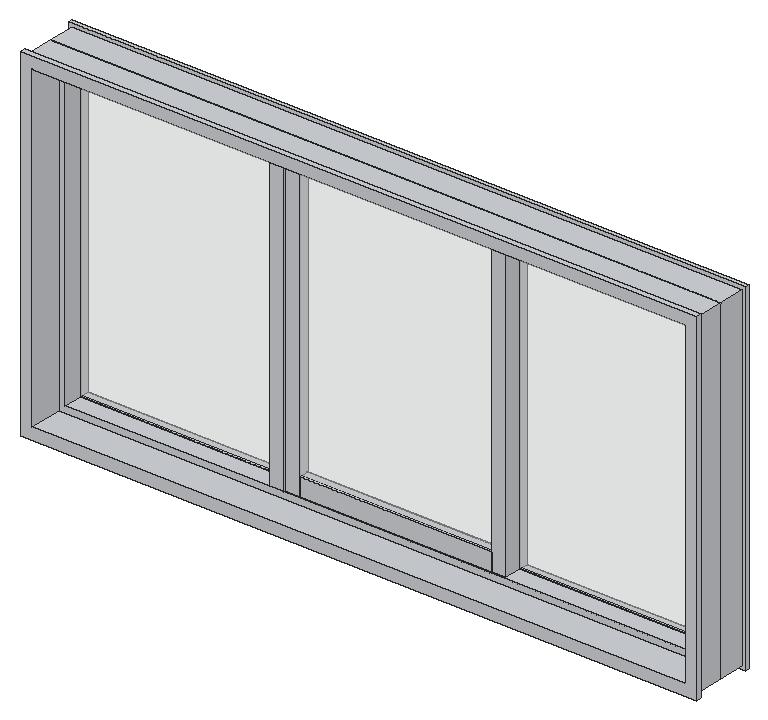
Revit family "APL Residential Thermal Heart Sliding Window FSF", category Windows, host Wall, Revit 2017
Family settings
  Host = Wall
  OmniClass Number = 23.30.20.00
  OmniClass Title = Windows
  Always vertical = Yes
  Cut with Voids When Loaded = No
  Shared = No
  Room Calculation Point = No
Parameters (values of type "Architrave")
  Rough Width = 2415 mm
  Rough Height = 1215 mm
  Reveal Liner = no
  Liner Sill = yes
  Liner Head = yes
  Liner [instance] = 100.6 mm
  Length [instance] = ((Rough Width / 2) - 350 mm) / 2  # 428.75 mm
  Jamb Liner 2 = yes
  Jamb Liner 1 = yes
  Height = Rough Height - 15 mm  # 1200 mm
  Groove = 10 mm
  Frame Width = 12.4 mm
  Frame Projection Int. = 20 mm
  Frame Projection Ext. = 14 mm
  Liner End = 10 mm
  Default Sill Height = 900 mm
  Wall Closure = By host
  Width = Rough Width - 15 mm  # 2400 mm
  Arrow Opening = yes
  Architrave = yes
  Analytic Construction = "<None>"
Reference planes
  plane 1 "Center (Front/Back)": y = 0
  plane 2 "Center (Left/Right)": x = 412.5
  plane 3 "Left": x = -795
  plane 4 "Right": x = 1620
  plane 5 "Sill": z = 900
  plane 6 "Head": z = 2115
  plane 7 "Exterior": y = 100
  plane 8 "Interior": y = -100
  plane 9: x = 815
  plane 10: x = 10
Forms (mm)
  Extrusion 1, solid, visible <- "Architrave"
    sketch origin (0, -100, 0) x (1, 0, 0) y (0, 0, 1)
      loop
        line (-767, 2086.896) -> (-767, 928.104) -> (1592, 928.104) -> (1592, 2086.896) -> (-767, 2086.896)
      loop
        line (-807.5, 2127.5) -> (-807.5, 887.5) -> (1632.5, 887.5) -> (1632.5, 2127.5) -> (-807.5, 2127.5)
    from 0 to 20 <- "Frame Projection Int."
  Extrusion 2, solid, visible <- "Architrave"
    sketch origin (0, -100, 0) x (1, 0, 0) y (0, 0, 1)
      loop
        line (-795, 2115) -> (-795, 900) -> (1620, 900) -> (1620, 2115) -> (-795, 2115)
      loop
        line (-767, 2087) -> (-767, 928) -> (1592, 928) -> (1592, 2087) -> (-767, 2087)
    from 0 to -103.308
  Sweep 3, solid, visible <- "Reveal Liner"
    path origin (0, -100, 0) x (1, 0, 0) y (0, 0, 1)
      loop
        line (-795, 2115) -> (-795, 900) -> (1620, 900) -> (1620, 2115) -> (-795, 2115)
    profile origin (-795, -100, 1507.5) x (-1, 0, 0) y (0, -1, 0)
      loop
        line (0, 0) -> (-15, 0) -> (-15, 10) -> (-9.435, 10) -> (-9.435, 20) -> (-28, 20) -> (-28, -103.308) -> (0, -103.308) -> (0, 0)
  Extrusion 4, solid
    sketch origin (0, 0, 0) x (1, 0, 0) y (0, 1, 0)
      loop
        line (42.586, 9.95) -> (95.296, 9.95) -> (95.296, 45.951) -> (42.586, 45.951) -> (42.586, 9.95)
    from 950.5 to 2064.5
  Extrusion 5, solid
    sketch origin (0, 0, 0) x (1, 0, 0) y (0, 1, 0)
      loop
        line (95.296, 40.65) -> (95.296, 16.65) -> (788.078, 16.65) -> (788.078, 40.65) -> (95.296, 40.65)
    from 1015 to 2000
  Extrusion 6, solid
    sketch origin (268.808, 0, 0) x (1, 0, 0) y (0, 1, 0)
      loop
        line (571.214, 9.9) -> (571.214, 73.75) -> (519.251, 73.75) -> (519.251, 9.9) -> (571.214, 9.9)
    from 950.5 to 2064.5
  Extrusion 7, solid
    sketch origin (268.808, 0, 0) x (1, 0, 0) y (0, 1, 0)
      loop
        line (552.214, 73.75) -> (552.214, 118.35) -> (519.271, 118.35) -> (519.271, 73.75) -> (552.214, 73.75)
    from 931.5 to 2083.5
  Sweep 8, solid
    path origin (0, 100, 0) x (1, 0, 0) y (0, 0, 1)
      loop
        line (1620, 2115) -> (-795, 2115) -> (-795, 900) -> (1620, 900) -> (1620, 2115)
    profile origin (-795, 100, 1507.5) x (0, -1, 0) y (1, 0, 0)
      loop
        line (0, 0) -> (96.692, 0) -> (96.692, 50.5) -> (26.25, 50.5) -> (26.25, 31.5) -> (-18.35, 31.5) -> (-18.35, 8.5) -> (-12.35, 2.5) -> (-12.35, -12.5) -> (0, -12.5) -> (0, 0)
  Extrusion 9, solid
    sketch origin (0, 0, 0) x (1, 0, 0) y (0, 1, 0)
      loop
        line (840.022, 102.85) -> (840.022, 78.85) -> (1569.5, 78.85) -> (1569.5, 102.85) -> (840.022, 102.85)
    from 950.5 to 2064.5
  Sweep 10, solid
    path origin (0, 100, 0) x (1, 0, 0) y (0, 0, 1)
      loop
        line (1588.5, 2083.5) -> (821.022, 2083.5) -> (821.022, 931.5) -> (1588.5, 931.5) -> (1588.5, 2083.5)
    profile origin (1588.5, 100, 1507.5) x (-1, 0, 0) y (0, -1, 0)
      loop
        line (19, 26.25) -> (0, 26.25) -> (0, -18.296) -> (4.668, -18.296) -> (19, -3.964) -> (19, 26.25)
  Extrusion 11, solid
    sketch origin (-795, 0, 0) x (0, -1, 0) y (0, 0, 1)
      loop
        line (-9.9, 2064.5) -> (-44.65, 2064.5) -> (-44.65, 2000) -> (-9.9, 2000) -> (-9.9, 2064.5)
    from -1583.078 to -890.296
  Sweep 12, solid
    path origin (-13.83, 100, 0) x (1, 0, 0) y (0, 0, 1)
      loop
        line (801.852, 2083.5) -> (37.33, 2083.5) -> (37.33, 931.5) -> (801.799, 931.5)
    profile origin (23.5, 100, 1507.5) x (0, -1, 0) y (1, 0, 0)
      loop
        line (-18.35, 0) -> (26.25, 0) -> (26.25, 19) -> (24.299, 19) -> (-18.35, 1.334) -> (-18.35, 0)
  Extrusion 13, solid
    sketch origin (0, 0, 0) x (1, 0, 0) y (0, 1, 0)
      loop
        line (95.296, 45.951) -> (95.296, 9.9) -> (788.078, 9.9) -> (788.078, 45.951) -> (95.296, 45.951)
    from 950.5 to 1015
  Sweep 14, solid
    path origin (25, 100, 0) x (-1, 0, 0) y (0, 0, 1)
      loop
        line (788.5, 2083.5) -> (23.5, 2083.5) -> (23.5, 931.5) -> (788.5, 931.5) -> (788.5, 2083.5)
    profile origin (-763.5, 100, 1507.5) x (-1, 0, 0) y (0, -1, 0)
      loop
        line (-19, 26.25) -> (-19, -3.964) -> (-4.668, -18.296) -> (0, -18.296) -> (0, 26.25) -> (-19, 26.25)
  Extrusion 15, solid
    sketch origin (0, 0, 0) x (1, 0, 0) y (0, 1, 0)
      loop
        line (-5.432, 3.35) -> (42.586, 3.35) -> (42.586, 73.75) -> (-5.432, 73.75) -> (-5.432, 3.35)
    from 950.5 to 2064.5
  Extrusion 16, solid
    sketch origin (0, 70.4, 0) x (1, 0, 0) y (0, 1, 0)
      loop
        line (1.5, 3.35) -> (23.5, 3.35) -> (23.5, 47.95) -> (1.5, 47.95) -> (1.5, 3.35)
    from 931.5 to 2083.5
  Extrusion 17, solid
    sketch origin (-1584.521, 0, 0) x (1, 0, 0) y (0, 1, 0)
      loop
        line (840.022, 102.85) -> (840.022, 78.85) -> (1567.021, 78.85) -> (1567.021, 102.85) -> (840.022, 102.85)
    from 950.5 to 2064.5
Cuts and joins
  joined: Extrusion 1, Extrusion 2
  joined: Sweep 8, Sweep 12
Lines and regions (mm)
  Opening 1
    outline origin (3496.371, -100, 0) x (1, 0, 0) y (0, 0, 1)
      loop
        line (-1876.371, 900) -> (-1876.371, 2115) -> (-4291.371, 2115) -> (-4291.371, 900) -> (-1876.371, 900)
  Masking region 1
    outline origin (268.808, 0, 0) x (1, 0, 0) y (0, 1, 0)
      loop
        line (519.271, 73.75) -> (571.214, 73.75) -> (571.214, 103.94) -> (556.804, 118.35) -> (519.271, 118.35) -> (519.271, 73.75)
  symbolic lines, style "WindowsOpeningProjection", visible <- "Arrow Opening"
    curve 1: line (237.5, 143.276, 0) -> (587.5, 143.276, 0)
    curve 2: line (587.5, 143.276, 0) -> (490.907, 169.158, 0)
    curve 3: line (237.5, 100, 1507.5) -> (587.5, 100, 1507.5)
    curve 4: line (587.5, 100, 1507.5) -> (529.544, 100, 1523.029)
Text (mm)
  text "EXTERIOR" at (-1963.203, 1332.353, 0), in view "Ref. Level"
  text "INTERIOR" at (-1981.466, -818.386, 0), in view "Ref. Level"
  text "Exterior" at (0, 923.751, 2943.296), in view "Right"
  text "Exterior" at (0, 1040.484, 2685.409), in view "Left"
Dimensions and locks
  equal spacing: plane 3 "Left", plane 10, plane 9, plane 4 "Right"
  "Rough Width": plane 3 "Left" to plane 4 "Right"
  "Rough Height": plane 5 "Sill" to plane 6 "Head"
  "Default Sill Height": plane 5 "Sill" to level
  locked: plane 7 "Exterior" to host wall at 0
  locked: plane 8 "Interior" to host wall
  locked: curve 1 to curve 1 at 350
  curve 2 to curve 2 = 100 mm
  locked: curve 4 to curve 4 at 60
  locked: cut or joined group of Extrusion 1, Extrusion 2 to cut or joined group of Extrusion 1, Extrusion 2 at 28
  plane 5 "Sill" to nested 1 = 7.45 mm
  locked: plane 7 "Exterior" to Sweep 3 at 96.692  (x3)
  locked: Extrusion 6 to plane 7 "Exterior" at 90.1
  locked: Extrusion 4 to Sweep 3 at 6.642
  locked: host wall to Extrusion 11 at 55.35
  locked: Extrusion 11 to Extrusion 11 at 34.75
  Extrusion 4 to Extrusion 5 to Extrusion 5 to Extrusion 4 = 5.301 mm locked, 24 mm locked, 6.7 mm locked
  Extrusion 4 to Extrusion 4 to Sweep 3 = 36.001 mm locked, 6.642 mm locked
  locked: Extrusion 13 to Extrusion 13 at 36.051
  locked: Extrusion 13 to Sweep 3 at 6.592
  equal spacing: plane 5 "Sill", curve 3, plane 6 "Head"
  locked: curve 3 to curve 3 at 350
  locked: Extrusion 9 to plane 6 "Head" at 50.5
  locked: Extrusion 5 to plane 6 "Head" at 115
  locked: Extrusion 4 to plane 6 "Head" at 50.5
  locked: Extrusion 7 to plane 6 "Head" at 31.5
  plane 6 "Head" to Extrusion 6 = 50.5 mm
  locked: nested 1 to plane 5 "Sill" at 7.45
  locked: plane 3 "Left" to cut or joined group of Sweep 8, Sweep 12 at 50.5
  Extrusion 15 to plane 10 to Extrusion 15 = 15.432 mm locked, 32.586 mm locked
  Extrusion 6 to plane 9 to Extrusion 6 = 26.941 mm locked, 25.022 mm locked
  Extrusion 7 to plane 9 to Extrusion 7 = 26.922 mm locked, 6.022 mm locked
  locked: plane 3 "Left" to nested 2 at 7.5
  locked: Extrusion 15 to Extrusion 13 at 52.71
  equal spacing: plane 3 "Left", plane 2 "Center (Left/Right)", plane 4 "Right"
  Extrusion 15 to cut or joined group of Sweep 8, Sweep 12 to plane 7 "Exterior" = 70.4 mm locked, 26.25 mm locked
  locked: Extrusion 16 to Extrusion 16 at 22
  locked: Extrusion 16 to plane 6 "Head" at 31.5
  plane 6 "Head" to Extrusion 15 = 50.5 mm
  locked: plane 6 "Head" to Extrusion 6 at 50.5
  locked: Extrusion 17 to plane 6 "Head" at 50.5
  locked: plane 6 "Head" to Extrusion 15 at 50.5
  angle curve 2 to curve 1 = 15.00°
  locked: curve 3 to curve 4 (angle 15.00°)
  aligned and locked: Extrusion 2 sketch curve to host wall  (x2)
  aligned and locked: host wall to Extrusion 2 sketch curve
  aligned and locked: plane 6 "Head" to Sweep 3 sketch curve
  aligned and locked: Sweep 3 sketch curve to plane 3 "Left"  (x2)
  aligned and locked: Sweep 3 sketch curve to plane 5 "Sill"
  aligned and locked: plane 4 "Right" to Sweep 3 sketch curve
  aligned and locked: Sweep 3 sketch curve to host wall
  aligned and locked: Opening 1 sketch curve to plane 4 "Right"
  aligned and locked: Sweep 3 sketch curve to cut or joined group of Extrusion 1, Extrusion 2
  aligned and locked: Extrusion 2 to Sweep 3
  aligned and locked: Sweep 8 to Extrusion 7
  aligned and locked: Extrusion 13 to Extrusion 5  (x2)
  aligned and locked: Extrusion 13 to Extrusion 4  (x2)
  aligned and locked: host wall to Extrusion 2
  aligned and locked: Extrusion 2 to cut or joined group of Sweep 8, Sweep 12
  aligned and locked: Masking region 1 to Extrusion 7  (x2)
  aligned and locked: Masking region 1 to Extrusion 9
  aligned and locked: Extrusion 13 to Extrusion 7
  aligned and locked: Extrusion 5 to Extrusion 13
  aligned and locked: Extrusion 11 to Extrusion 4
  aligned and locked: Extrusion 5 to Extrusion 11
  aligned and locked: Extrusion 11 to Extrusion 5
  aligned and locked: Extrusion 15 to Extrusion 4
  aligned and locked: Extrusion 16 to cut or joined group of Sweep 8, Sweep 12
Automatic sketch dimensions
  plane 3 "Left" to Opening 1 sketch curve = 0 mm
  Opening 1 sketch curve to plane 5 "Sill" = 0 mm
  Opening 1 sketch curve to plane 6 "Head" = 0 mm
  plane 3 "Left" to Extrusion 1 sketch curve = 12.5 mm
  Extrusion 1 sketch curve to plane 3 "Left" = 28 mm
  plane 4 "Right" to Extrusion 1 sketch curve = 28 mm
  Extrusion 1 sketch curve to plane 4 "Right" = 12.5 mm
  plane 5 "Sill" to Extrusion 1 sketch curve = 12.5 mm
  Extrusion 1 sketch curve to plane 5 "Sill" = 28.104 mm
  plane 6 "Head" to Extrusion 1 sketch curve = 28.104 mm
  Extrusion 1 sketch curve to plane 6 "Head" = 12.5 mm
  plane 4 "Right" to Extrusion 2 sketch curve = 0 mm
  Extrusion 2 sketch curve to plane 3 "Left" = 28 mm
  plane 4 "Right" to Extrusion 2 sketch curve = 28 mm
  Extrusion 2 sketch curve to plane 5 "Sill" = 28 mm
  plane 6 "Head" to Extrusion 2 sketch curve = 28 mm
  host wall to curve 2 = 43.276 mm
  curve 2 to plane 9 = 227.5 mm
  plane 10 to curve 4 = 577.5 mm
  profile plane to Sweep 3 sketch curve = 9.435 mm
  Sweep 3 sketch curve to Sweep 3 sketch curve = 5.565 mm
  Sweep 3 sketch curve to Sweep 3 sketch curve = 28 mm
  plane 8 "Interior" to Sweep 3 sketch curve = 10 mm
  Sweep 3 sketch curve to Sweep 3 sketch curve = 10 mm
  plane 10 to Extrusion 4 sketch curve = 32.586 mm
  Extrusion 4 sketch curve to Extrusion 4 sketch curve = 52.71 mm
  Extrusion 4 sketch curve to host wall = 9.95 mm
  Extrusion 4 sketch curve to Extrusion 4 sketch curve = 36.001 mm
  Extrusion 5 sketch curve to host wall = 16.65 mm
  plane 10 to Extrusion 5 sketch curve = 85.296 mm
  Extrusion 5 sketch curve to plane 9 = 26.922 mm
  Extrusion 5 sketch curve to Extrusion 5 sketch curve = 24 mm
  Extrusion 6 sketch curve to host wall = 9.9 mm
  Extrusion 6 sketch curve to plane 9 = 26.941 mm
  plane 9 to Extrusion 6 sketch curve = 25.022 mm
  Extrusion 6 sketch curve to host wall = 26.25 mm
  Extrusion 7 sketch curve to plane 9 = 26.922 mm
  plane 9 to Extrusion 7 sketch curve = 6.022 mm
  Extrusion 7 sketch curve to host wall = 26.25 mm
  host wall to Extrusion 7 sketch curve = 18.35 mm
  plane 3 "Left" to Sweep 8 sketch curve = 0 mm
  plane 4 "Right" to Sweep 8 sketch curve = 0 mm
  Sweep 8 sketch curve to plane 5 "Sill" = 0 mm
  Sweep 8 sketch curve to plane 6 "Head" = 0 mm
  plane 7 "Exterior" to Sweep 8 sketch curve = 0 mm
  Sweep 8 sketch curve to profile plane = 0 mm
  Sweep 8 sketch curve to profile plane = 2.5 mm
  Sweep 8 sketch curve to plane 7 "Exterior" = 12.35 mm
  Sweep 8 sketch curve to plane 7 "Exterior" = 18.35 mm
  plane 7 "Exterior" to Sweep 8 sketch curve = 26.25 mm
  Sweep 8 sketch curve to Sweep 8 sketch curve = 70.442 mm
  profile plane to Sweep 8 sketch curve = 12.5 mm
  Sweep 8 sketch curve to Sweep 8 sketch curve = 6 mm
  Sweep 8 sketch curve to Sweep 8 sketch curve = 23 mm
  Sweep 8 sketch curve to Sweep 8 sketch curve = 19 mm
  plane 9 to Extrusion 9 sketch curve = 25.022 mm
  Extrusion 9 sketch curve to host wall = 21.15 mm
  plane 4 "Right" to Extrusion 9 sketch curve = 50.5 mm
  host wall to Extrusion 9 sketch curve = 2.85 mm
  plane 9 to Sweep 10 sketch curve = 6.022 mm
  plane 4 "Right" to Sweep 10 sketch curve = 31.5 mm
  Sweep 10 sketch curve to plane 5 "Sill" = 31.5 mm
  plane 6 "Head" to Sweep 10 sketch curve = 31.5 mm
  Sweep 10 sketch curve to profile plane = 0 mm
  Sweep 10 sketch curve to profile plane = 4.668 mm
  Sweep 10 sketch curve to plane 7 "Exterior" = 3.964 mm
  Sweep 10 sketch curve to profile plane = 19 mm
  Sweep 10 sketch curve to plane 7 "Exterior" = 18.296 mm
  plane 7 "Exterior" to Sweep 10 sketch curve = 26.25 mm
  Extrusion 11 sketch curve to host wall = 44.65 mm
  Extrusion 11 sketch curve to host wall = 9.9 mm
  plane 6 "Head" to Extrusion 11 sketch curve = 115 mm
  plane 6 "Head" to Extrusion 11 sketch curve = 50.5 mm
  plane 10 to Sweep 12 sketch curve = 13.5 mm
  Sweep 12 sketch curve to plane 5 "Sill" = 31.5 mm
  plane 6 "Head" to Sweep 12 sketch curve = 31.5 mm
  Sweep 12 sketch curve to plane 9 = 27.031 mm
  Sweep 12 sketch curve to plane 9 = 26.978 mm
  profile plane to Sweep 12 sketch curve = 0 mm
  Sweep 12 sketch curve to plane 7 "Exterior" = 18.35 mm
  plane 7 "Exterior" to Sweep 12 sketch curve = 24.299 mm
  Sweep 12 sketch curve to Sweep 12 sketch curve = 1.951 mm
  Sweep 12 sketch curve to profile plane = 1.334 mm
  Sweep 12 sketch curve to profile plane = 19 mm
  Masking region 1 sketch curve to plane 9 = 26.922 mm
  plane 9 to Masking region 1 sketch curve = 10.612 mm
  plane 9 to Masking region 1 sketch curve = 25.022 mm
  Masking region 1 sketch curve to host wall = 26.25 mm
  host wall to Masking region 1 sketch curve = 3.94 mm
  host wall to Masking region 1 sketch curve = 18.35 mm
  Extrusion 13 sketch curve to host wall = 9.9 mm
  plane 10 to Extrusion 13 sketch curve = 85.296 mm
  Extrusion 13 sketch curve to plane 9 = 26.922 mm
  Extrusion 13 sketch curve to Extrusion 13 sketch curve = 36.051 mm
  plane 10 to Sweep 14 sketch curve = 8.5 mm
  plane 3 "Left" to Sweep 14 sketch curve = 31.5 mm
  plane 5 "Sill" to Sweep 14 sketch curve = 31.5 mm
  Sweep 14 sketch curve to plane 6 "Head" = 31.5 mm
  Sweep 14 sketch curve to profile plane = 0 mm
  profile plane to Sweep 14 sketch curve = 4.668 mm
  Sweep 14 sketch curve to plane 7 "Exterior" = 3.964 mm
  profile plane to Sweep 14 sketch curve = 19 mm
  Sweep 14 sketch curve to plane 7 "Exterior" = 18.296 mm
  plane 7 "Exterior" to Sweep 14 sketch curve = 26.25 mm
  Extrusion 15 sketch curve to host wall = 3.35 mm
  Extrusion 15 sketch curve to plane 10 = 15.432 mm
  plane 10 to Extrusion 15 sketch curve = 32.586 mm
  Extrusion 15 sketch curve to host wall = 26.25 mm
  Extrusion 16 sketch curve to plane 10 = 8.5 mm
  plane 10 to Extrusion 16 sketch curve = 13.5 mm
  Extrusion 16 sketch curve to host wall = 26.25 mm
  host wall to Extrusion 16 sketch curve = 18.35 mm
  Extrusion 17 sketch curve to host wall = 21.15 mm
  Extrusion 17 sketch curve to plane 3 "Left" = 50.5 mm
  Extrusion 17 sketch curve to plane 10 = 27.5 mm
  host wall to Extrusion 17 sketch curve = 2.85 mm
Nested families
  nested 1: "APL Residential Thermal Heart Sliding Window FSF Vertical Section" at (788.078, -277.596, 1030.848) x (0, -1, 0) z (-1, 0, 0), Box Height <- "Height", Groove <- "Groove", Liner End <- "Liner End", Liner <- "Liner", type "Groove"
    with Liner End 10 mm, Liner 100.6 mm, Groove 10 mm, Glass Length Fixed 982.1 mm, Glass Length 982.1 mm, Box Height 1200 mm
  nested 2: "APL Residential Thermal Heart Sliding Window FSF Horizontal Section" at (-287.417, 157.796, 900), Box Width <- "Width", Liner <- "Liner", Groove <- "Groove", Liner End <- "Liner End", type "Groove"
    with Liner End 10 mm, Liner 100.6 mm, Groove 10 mm, Glass Sash Length 695 mm, Glass Length 719 mm, Glass Fixed Length 752.5 mm, Box Width 2400 mm
Definition of nested family "APL Residential Thermal Heart Sliding Window FSF Vertical Section"
  Parameters (values of type "Groove")
    Sill Liner = yes
    Liner End [instance] = 10 mm
    Liner Block = Liner : Liner
    Liner [instance] = 100 mm
    Head Liner = yes
    Groove [instance] = 10 mm
    Glass Length Fixed [instance] = Box Height - 217.9 mm  # 282.1 mm
    Glass Length [instance] = Box Height - 217.9 mm  # 282.1 mm
    Box Height [instance] = 500 mm
  Types (2, lengths in mm): name | Liner Block
    Groove | Liner : Liner
    No Groove | Liner No Groove : Liner No Groove
  Reference planes
    plane 1 "Center (Front/Back)": x = -337.446
    plane 2: z = 0
    plane 3 "Center (Left/Right)": y = 126.603
    plane 4: y = 376.603
    plane 5: y = -123.397
    plane 6: x = -284.446
    plane 7: x = -284.446
    plane 8: x = -377.596
    plane 9: y = -128.397
  Dimensions and locks
    equal spacing: plane 4, plane 3 "Center (Left/Right)", plane 5
    "Box Height": plane 4 to plane 5
    "Liner": plane 6 to nested 1
    "Liner": plane 7 to nested 2
    locked: nested 3 to plane 4 at 92
    plane 5 to nested 4 = 92.46 mm
    locked: nested 7 to nested 5 at 6.328
    locked: nested 5 to plane 4 at 30.328
    locked: nested 3 to nested 7 at 6
    locked: nested 6 to nested 4 at 5.96
    locked: nested 6 to nested 8 at 6.328
    locked: plane 5 to nested 8 at 30.328
    locked: nested 7 to nested 1 at 22.396
    locked: nested 2 to nested 6 at 22.397
    aligned and locked: plane 7 to nested 2
  Nested families
    nested 1: "Liner" at (-284.446, 355.999, 0), type <- "Liner Block", visible <- "Head Liner", type "Liner", in view "Left", detail levels fine
      with built-in parameter 1001306 0.32808 (stored number, unit not read)
    nested 2: "Liner" at (-284.446, -102.794, 0), type <- "Liner Block", visible <- "Sill Liner", type "Liner", in view "Left", detail levels fine
      with built-in parameter 1001306 0.32808 (stored number, unit not read)
    nested 3: "Glass" at (-318.298, 284.602, 0), Glass Lenght <- "Glass Length", type "Glass", in view "Left", detail levels fine
      with Glass Lenght 282.1 mm
    nested 4: "Glass" at (-318.298, -30.937, 0), Glass Lenght <- "Glass Length", type "Glass", in view "Left", detail levels fine
      with Glass Lenght 282.1 mm
    nested 5: "Glazing Bead" at (-379.977, 346.275, 0), Glass Lenght <- "Glass Length Fixed", type "Glazing Bead", in view "Left", detail levels fine
      with Glass Lenght 282.1 mm
    nested 6: "Two Panel Sill" at (-308.917, -123.397, 0), type "Two Panel Sill", in view "Left", detail levels fine
    nested 7: "Two Panel Head" at (-395.946, 376.603, 0), type "Two Panel Head", in view "Left", detail levels fine
    nested 8: "Glazing Bead" at (-379.977, -93.07, 0), Glass Lenght <- "Glass Length Fixed", type "Glazing Bead", in view "Left", detail levels fine
      with Glass Lenght 282.1 mm
  Definition of nested family "Liner"
    Parameters (values of type "Liner")
      Type Image = (empty or 0)
      built-in parameter 1001306 [instance] = 100 mm
      Groove [instance] = 10 mm
      End Liner [instance] = 10 mm
    Reference planes
      plane 1 "Center (Front/Back)": y = 0
      plane 2: z = 0
      plane 3 "Left": x = 0
      plane 4 "Right": x = 100
    Lines and regions (mm)
      Filled region 1, type "Brick", in view "Ref. Level"
        outline origin (0, 0, 0) x (1, 0, 0) y (0, 1, 0)
          loop
            line (0, 0) -> (120, 0) -> (120, 19) -> (110, 19) -> (110, 13.435) -> (100, 13.435) -> (100, 19) -> (0, 19) -> (0, 0)
      reference lines, in view "Ref. Level"
        curve 1: line (0, 0, 0) -> (100, 0, 0)
      detail lines, in view "Ref. Level", detail levels fine
        curve 2: line (100, 0, 0) -> (0, 0, 0)
    Dimensions and locks
      "built-in parameter 1001306": plane 3 "Left" to plane 4 "Right"
      locked: Filled region 1 to curve 2 at 19
      "Groove": plane 4 "Right" to Filled region 1
      "End Liner": Filled region 1 to Filled region 1
      aligned and locked: plane 1 "Center (Front/Back)" to curve 1
      aligned and locked: plane 3 "Left" to curve 1
      aligned and locked: plane 4 "Right" to curve 1
      aligned and locked: curve 1 to Filled region 1
      aligned and locked: plane 1 "Center (Front/Back)" to Filled region 1
      aligned and locked: Filled region 1 to plane 3 "Left"
    Automatic sketch dimensions
      curve 2 to plane 4 "Right" = 0 mm
      Filled region 1 sketch curve to plane 3 "Left" = 0 mm
      Filled region 1 sketch curve to plane 4 "Right" = 0 mm
      Filled region 1 sketch curve to Filled region 1 sketch curve = 10 mm  (x2)
      Filled region 1 sketch curve to plane 1 "Center (Front/Back)" = 0 mm
      Filled region 1 sketch curve to plane 1 "Center (Front/Back)" = 13.435 mm
      Filled region 1 sketch curve to Filled region 1 sketch curve = 5.565 mm  (x2)
      curve 2 to plane 3 "Left" = 0 mm
  Definition of nested family "Glass"
    Parameters (values of type "Glass")
      Glass Lenght [instance] = 50 mm
    Reference planes
      plane 1 "Center (Front/Back)": y = 0
      plane 2: z = 0
      plane 3 "Center (Left/Right)": x = 0
      plane 4: y = -50
    Lines and regions (mm)
      Filled region 1, type "Solid Fill - Black", in view "Ref. Level"
        outline origin (0, 0, 0) x (1, 0, 0) y (0, 1, 0)
          loop
            line (4, 0) -> (4, -12) -> (20, -12) -> (20, 0) -> (4, 0)
      model lines, in view "Ref. Level"
        curve 1: line (4, -12, 0) -> (20, -12, 0)
        curve 2: line (0, -50, 0) -> (0, 0, 0)
        curve 3: line (0, 0, 0) -> (24, 0, 0)
        curve 4: line (24, 0, 0) -> (24, -50, 0)
        curve 5: line (20, 0, 0) -> (20, -50, 0)
        curve 6: line (4, 0, 0) -> (4, -50, 0)
      detail lines, in view "Ref. Level"
        curve 7: arc (25, -11.728, 0) -> (24.979, -11.828, 0) -> (24.92, -11.912, 0) r 0.25
        curve 8: arc (24.161, -12.614, 0) -> (24.042, -12.78, 0) -> (24, -12.981, 0) r 0.5
        curve 9: arc (24, -14.404, 0) -> (24.088, -14.594, 0) -> (24.289, -14.651, 0) r 0.25
        curve 10: arc (28.489, -13.997, 0) -> (28.647, -13.904, 0) -> (28.699, -13.728, 0) r 0.25
        curve 11: arc (27.5, -9.1, 0) -> (27.711, -8.984, 0) -> (27.727, -8.744, 0) r 0.25
        curve 12: arc (26.033, -5.114, 0) -> (25.642, -4.858, 0) -> (25.24, -5.095, 0) r 0.442
        curve 13: arc (24.864, -5.812, 0) -> (24.414, -6.357, 0) -> (24.052, -6.964, 0) r 4.62
        curve 14: arc (24.052, -6.964, 0) -> (24.013, -7.073, 0) -> (24, -7.187, 0) r 0.5
        curve 15: arc (24, -7.743, 0) -> (24.132, -7.931, 0) -> (24.353, -7.871, 0) r 0.2
        curve 16: arc (24.353, -7.871, 0) -> (24.514, -7.711, 0) -> (24.702, -7.581, 0) r 1.262
        curve 17: arc (24.702, -7.581, 0) -> (24.901, -7.583, 0) -> (25, -7.756, 0) r 0.2
        curve 18: arc (25, -8.353, 0) -> (24.962, -8.543, 0) -> (24.855, -8.705, 0) r 0.5
        curve 19: arc (24.855, -8.705, 0) -> (24.408, -9.237, 0) -> (24.051, -9.833, 0) r 4.3
        curve 20: arc (24.051, -9.833, 0) -> (24.013, -9.941, 0) -> (24, -10.054, 0) r 0.5
        curve 21: arc (24, -10.668, 0) -> (24.137, -10.858, 0) -> (24.361, -10.787, 0) r 0.2
        curve 22: arc (24.361, -10.787, 0) -> (24.512, -10.617, 0) -> (24.69, -10.476, 0) r 1.288
        curve 23: arc (24.69, -10.476, 0) -> (24.895, -10.467, 0) -> (25, -10.643, 0) r 0.2
        curve 24: line (24.92, -11.912, 0) -> (24.161, -12.614, 0)
        curve 25: line (24, -12.981, 0) -> (24, -14.404, 0)
        curve 26: line (24.289, -14.651, 0) -> (28.489, -13.997, 0)
        curve 27: line (28.699, -13.728, 0) -> (28.548, -12, 0)
        curve 28: line (28.548, -12, 0) -> (27, -12, 0)
        curve 29: line (27, -12, 0) -> (27, -9.1, 0)
        curve 30: line (27, -9.1, 0) -> (27.5, -9.1, 0)
        curve 31: line (27.727, -8.744, 0) -> (26.033, -5.114, 0)
        curve 32: line (25.24, -5.095, 0) -> (24.864, -5.812, 0)
        curve 33: line (24, -7.187, 0) -> (24, -7.743, 0)
        curve 34: line (25, -7.756, 0) -> (25, -8.353, 0)
        curve 35: line (24, -10.054, 0) -> (24, -10.668, 0)
        curve 36: line (25, -10.643, 0) -> (25, -11.728, 0)
        curve 87: arc (-0.25, -13, 0) -> (0, -12.75, 0) -> (-0.25, -12.5, 0) r 0.25
        curve 88: arc (-0.25, -9.45, 0) -> (0, -9.2, 0) -> (-0.25, -8.95, 0) r 0.25
        curve 89: arc (-0.25, -8.281, 0) -> (0, -8.031, 0) -> (-0.25, -7.781, 0) r 0.25
        curve 90: arc (-0.25, -7.113, 0) -> (0, -6.863, 0) -> (-0.25, -6.613, 0) r 0.25
        curve 91: line (-0.25, -5.444, 0) -> (-1, -5.444, 0)
        curve 92: line (-1, -5.444, 0) -> (-1, -9.45, 0)
        curve 93: line (-1, -9.45, 0) -> (-2.2, -9.45, 0)
        curve 94: line (-2.2, -9.45, 0) -> (-2.2, -8.7, 0)
        curve 95: line (-2.2, -8.7, 0) -> (-2.8, -8.7, 0)
        curve 96: line (-2.8, -8.7, 0) -> (-2.8, -11.8, 0)
        curve 97: line (-2.8, -11.8, 0) -> (-2.2, -11.8, 0)
        curve 98: line (-2.2, -11.8, 0) -> (-2.2, -11.05, 0)
        curve 99: line (-2.2, -11.05, 0) -> (-1, -11.05, 0)
        curve 100: line (-1, -11.05, 0) -> (-1, -13, 0)
        curve 101: line (-1, -13, 0) -> (-0.25, -13, 0)
        curve 102: line (-0.25, -12.5, 0) -> (-0.25, -9.45, 0)
        curve 103: line (-0.25, -8.95, 0) -> (-0.25, -8.281, 0)
        curve 104: line (-0.25, -7.781, 0) -> (-0.25, -7.113, 0)
        curve 105: line (-0.25, -6.613, 0) -> (-0.25, -5.944, 0)
        curve 106: arc (-0.25, -5.944, 0) -> (0, -5.694, 0) -> (-0.25, -5.444, 0) r 0.25
      detail lines, in view "Ref. Level", not visible
        curve 37: arc (-0.25, -4.9, 0) -> (0, -5.15, 0) -> (-0.25, -5.4, 0) r 0.25
        curve 38: arc (-0.25, -8.45, 0) -> (0, -8.7, 0) -> (-0.25, -8.95, 0) r 0.25
        curve 39: arc (-0.25, -9.619, 0) -> (0, -9.869, 0) -> (-0.25, -10.119, 0) r 0.25
        curve 40: arc (-0.25, -10.787, 0) -> (0, -11.037, 0) -> (-0.25, -11.287, 0) r 0.25
        curve 41: line (-0.25, -12.456, 0) -> (-1, -12.456, 0)
        curve 42: line (-1, -12.456, 0) -> (-1, -8.45, 0)
        curve 43: line (-1, -8.45, 0) -> (-2.2, -8.45, 0)
        curve 44: line (-2.2, -8.45, 0) -> (-2.2, -9.2, 0)
        curve 45: line (-2.2, -9.2, 0) -> (-2.8, -9.2, 0)
        curve 46: line (-2.8, -9.2, 0) -> (-2.8, -6.1, 0)
        curve 47: line (-2.8, -6.1, 0) -> (-2.2, -6.1, 0)
        curve 48: line (-2.2, -6.1, 0) -> (-2.2, -6.85, 0)
        curve 49: line (-2.2, -6.85, 0) -> (-1, -6.85, 0)
        curve 50: line (-1, -6.85, 0) -> (-1, -4.9, 0)
        curve 51: line (-1, -4.9, 0) -> (-0.25, -4.9, 0)
        curve 52: line (-0.25, -5.4, 0) -> (-0.25, -8.45, 0)
        curve 53: line (-0.25, -8.95, 0) -> (-0.25, -9.619, 0)
        curve 54: line (-0.25, -10.119, 0) -> (-0.25, -10.787, 0)
        curve 55: line (-0.25, -11.287, 0) -> (-0.25, -11.956, 0)
        curve 56: arc (-0.25, -11.956, 0) -> (0, -12.206, 0) -> (-0.25, -12.456, 0) r 0.25
        curve 57: arc (25, -10.728, 0) -> (24.979, -10.828, 0) -> (24.92, -10.912, 0) r 0.25
        curve 58: arc (24.161, -11.614, 0) -> (24.042, -11.78, 0) -> (24, -11.981, 0) r 0.5
        curve 59: arc (24, -13.404, 0) -> (24.088, -13.594, 0) -> (24.289, -13.651, 0) r 0.25
        curve 60: arc (28.489, -12.997, 0) -> (28.647, -12.904, 0) -> (28.699, -12.728, 0) r 0.25
        curve 61: arc (27.5, -8.1, 0) -> (27.711, -7.984, 0) -> (27.727, -7.744, 0) r 0.25
        curve 62: arc (26.033, -4.114, 0) -> (25.642, -3.858, 0) -> (25.24, -4.095, 0) r 0.442
        curve 63: arc (24.864, -4.812, 0) -> (24.414, -5.357, 0) -> (24.052, -5.964, 0) r 4.62
        curve 64: arc (24.052, -5.964, 0) -> (24.013, -6.073, 0) -> (24, -6.187, 0) r 0.5
        curve 65: arc (24, -6.743, 0) -> (24.132, -6.931, 0) -> (24.353, -6.871, 0) r 0.2
        curve 66: arc (24.353, -6.871, 0) -> (24.514, -6.711, 0) -> (24.702, -6.581, 0) r 1.262
        curve 67: arc (24.702, -6.581, 0) -> (24.901, -6.583, 0) -> (25, -6.756, 0) r 0.2
        curve 68: arc (25, -7.353, 0) -> (24.962, -7.543, 0) -> (24.855, -7.705, 0) r 0.5
        curve 69: arc (24.855, -7.705, 0) -> (24.408, -8.237, 0) -> (24.051, -8.833, 0) r 4.3
        curve 70: arc (24.051, -8.833, 0) -> (24.013, -8.941, 0) -> (24, -9.054, 0) r 0.5
        curve 71: arc (24, -9.668, 0) -> (24.137, -9.858, 0) -> (24.361, -9.787, 0) r 0.2
        curve 72: arc (24.361, -9.787, 0) -> (24.512, -9.617, 0) -> (24.69, -9.476, 0) r 1.288
        curve 73: arc (24.69, -9.476, 0) -> (24.895, -9.467, 0) -> (25, -9.643, 0) r 0.2
        curve 74: line (24.92, -10.912, 0) -> (24.161, -11.614, 0)
        curve 75: line (24, -11.981, 0) -> (24, -13.404, 0)
        curve 76: line (24.289, -13.651, 0) -> (28.489, -12.997, 0)
        curve 77: line (28.699, -12.728, 0) -> (28.548, -11, 0)
        curve 78: line (28.548, -11, 0) -> (27, -11, 0)
        curve 79: line (27, -11, 0) -> (27, -8.1, 0)
        curve 80: line (27, -8.1, 0) -> (27.5, -8.1, 0)
        curve 81: line (27.727, -7.744, 0) -> (26.033, -4.114, 0)
        curve 82: line (25.24, -4.095, 0) -> (24.864, -4.812, 0)
        curve 83: line (24, -6.187, 0) -> (24, -6.743, 0)
        curve 84: line (25, -6.756, 0) -> (25, -7.353, 0)
        curve 85: line (24, -9.054, 0) -> (24, -9.668, 0)
        curve 86: line (25, -9.643, 0) -> (25, -10.728, 0)
    Dimensions and locks
      "Glass Lenght": plane 1 "Center (Front/Back)" to plane 4
      aligned and locked: plane 4 to curve 2
      aligned and locked: plane 1 "Center (Front/Back)" to Filled region 1 sketch curve
      aligned and locked: Filled region 1 sketch curve to curve 6
      aligned and locked: Filled region 1 sketch curve to curve 1
      aligned and locked: Filled region 1 sketch curve to curve 5
    Automatic sketch dimensions
      plane 1 "Center (Front/Back)" to curve 2 = 0 mm
      curve 2 to plane 3 "Center (Left/Right)" = 0 mm
      curve 6 to plane 4 = 0 mm
      curve 5 to plane 4 = 0 mm
      curve 4 to plane 4 = 0 mm
      curve 5 to curve 3 = 4 mm
      curve 1 to curve 1 = 16 mm
      plane 1 "Center (Front/Back)" to curve 1 = 12 mm
      plane 3 "Center (Left/Right)" to curve 6 = 4 mm
  Definition of nested family "Glazing Bead"
    Parameters (values of type "Glazing Bead")
      Glass Lenght [instance] = 50 mm
    Reference planes
      plane 1 "Center (Front/Back)": y = 0
      plane 2: z = 0
      plane 3 "Center (Left/Right)": x = 0
      plane 4: y = -50
    Lines and regions (mm)
      Filled region 1, type "Solid Fill - Black", in view "Ref. Level"
        outline origin (0, 0, 0) x (1, 0, 0) y (0, 1, 0)
          loop
            line (4, 0) -> (4, -12) -> (20, -12) -> (20, 0) -> (4, 0)
      model lines, in view "Ref. Level"
        curve 1: line (4, -12, 0) -> (20, -12, 0)
        curve 2: line (0, -50, 0) -> (0, 0, 0)
        curve 3: line (0, 0, 0) -> (24, 0, 0)
        curve 4: line (24, 0, 0) -> (24, -50, 0)
        curve 5: line (20, 0, 0) -> (20, -50, 0)
        curve 6: line (4, 0, 0) -> (4, -50, 0)
      detail lines, in view "Ref. Level"
        curve 7: arc (-0.25, -4.9, 0) -> (0, -5.15, 0) -> (-0.25, -5.4, 0) r 0.25
        curve 8: arc (-0.25, -8.45, 0) -> (0, -8.7, 0) -> (-0.25, -8.95, 0) r 0.25
        curve 9: arc (-0.25, -9.619, 0) -> (0, -9.869, 0) -> (-0.25, -10.119, 0) r 0.25
        curve 10: arc (-0.25, -10.787, 0) -> (0, -11.037, 0) -> (-0.25, -11.287, 0) r 0.25
        curve 11: line (-0.25, -12.456, 0) -> (-1, -12.456, 0)
        curve 12: line (-1, -12.456, 0) -> (-1, -8.45, 0)
        curve 13: line (-1, -8.45, 0) -> (-2.2, -8.45, 0)
        curve 14: line (-2.2, -8.45, 0) -> (-2.2, -9.2, 0)
        curve 15: line (-2.2, -9.2, 0) -> (-2.8, -9.2, 0)
        curve 16: line (-2.8, -9.2, 0) -> (-2.8, -6.1, 0)
        curve 17: line (-2.8, -6.1, 0) -> (-2.2, -6.1, 0)
        curve 18: line (-2.2, -6.1, 0) -> (-2.2, -6.85, 0)
        curve 19: line (-2.2, -6.85, 0) -> (-1, -6.85, 0)
        curve 20: line (-1, -6.85, 0) -> (-1, -4.9, 0)
        curve 21: line (-1, -4.9, 0) -> (-0.25, -4.9, 0)
        curve 22: line (-0.25, -5.4, 0) -> (-0.25, -8.45, 0)
        curve 23: line (-0.25, -8.95, 0) -> (-0.25, -9.619, 0)
        curve 24: line (-0.25, -10.119, 0) -> (-0.25, -10.787, 0)
        curve 25: line (-0.25, -11.287, 0) -> (-0.25, -11.956, 0)
        curve 26: arc (-0.25, -11.956, 0) -> (0, -12.206, 0) -> (-0.25, -12.456, 0) r 0.25
      detail lines, in view "Ref. Level", not visible
        curve 27: arc (-0.25, -4.9, 0) -> (0, -5.15, 0) -> (-0.25, -5.4, 0) r 0.25
        curve 28: arc (-0.25, -8.45, 0) -> (0, -8.7, 0) -> (-0.25, -8.95, 0) r 0.25
        curve 29: arc (-0.25, -9.619, 0) -> (0, -9.869, 0) -> (-0.25, -10.119, 0) r 0.25
        curve 30: arc (-0.25, -10.787, 0) -> (0, -11.037, 0) -> (-0.25, -11.287, 0) r 0.25
        curve 31: line (-0.25, -12.456, 0) -> (-1, -12.456, 0)
        curve 32: line (-1, -12.456, 0) -> (-1, -8.45, 0)
        curve 33: line (-1, -8.45, 0) -> (-2.2, -8.45, 0)
        curve 34: line (-2.2, -8.45, 0) -> (-2.2, -9.2, 0)
        curve 35: line (-2.2, -9.2, 0) -> (-2.8, -9.2, 0)
        curve 36: line (-2.8, -9.2, 0) -> (-2.8, -6.1, 0)
        curve 37: line (-2.8, -6.1, 0) -> (-2.2, -6.1, 0)
        curve 38: line (-2.2, -6.1, 0) -> (-2.2, -6.85, 0)
        curve 39: line (-2.2, -6.85, 0) -> (-1, -6.85, 0)
        curve 40: line (-1, -6.85, 0) -> (-1, -4.9, 0)
        curve 41: line (-1, -4.9, 0) -> (-0.25, -4.9, 0)
        curve 42: line (-0.25, -5.4, 0) -> (-0.25, -8.45, 0)
        curve 43: line (-0.25, -8.95, 0) -> (-0.25, -9.619, 0)
        curve 44: line (-0.25, -10.119, 0) -> (-0.25, -10.787, 0)
        curve 45: line (-0.25, -11.287, 0) -> (-0.25, -11.956, 0)
        curve 46: arc (-0.25, -11.956, 0) -> (0, -12.206, 0) -> (-0.25, -12.456, 0) r 0.25
        curve 47: arc (62.983, -3.041, 0) -> (62.673, -2.901, 0) -> (62.511, -3.2, 0) r 0.25
        curve 48: arc (62.537, -13.088, 0) -> (62.7, -13.387, 0) -> (63.01, -13.247, 0) r 0.25
        curve 49: line (62.511, -3.2, 0) -> (63.505, -7.068, 0)
        curve 50: line (63.505, -7.068, 0) -> (62.502, -7.647, 0)
        curve 51: line (62.502, -7.647, 0) -> (62.502, -8.647, 0)
        curve 52: line (62.502, -8.647, 0) -> (63.527, -9.239, 0)
        curve 53: line (63.527, -9.239, 0) -> (62.537, -13.088, 0)
        curve 54: line (63.01, -13.247, 0) -> (64.734, -9.147, 0)
        curve 55: line (64.734, -9.147, 0) -> (66.002, -9.147, 0)
        curve 56: line (66.002, -9.147, 0) -> (66.002, -10.397, 0)
        curve 57: line (66.002, -10.397, 0) -> (67.002, -10.397, 0)
        curve 58: line (67.002, -10.397, 0) -> (67.002, -5.897, 0)
        curve 59: line (67.002, -5.897, 0) -> (66.002, -5.897, 0)
        curve 60: line (66.002, -5.897, 0) -> (66.002, -7.147, 0)
        curve 61: line (66.002, -7.147, 0) -> (64.71, -7.147, 0)
        curve 62: line (64.71, -7.147, 0) -> (62.983, -3.041, 0)
    Dimensions and locks
      "Glass Lenght": plane 1 "Center (Front/Back)" to plane 4
      aligned and locked: plane 4 to curve 2
      aligned and locked: plane 1 "Center (Front/Back)" to Filled region 1 sketch curve
      aligned and locked: Filled region 1 sketch curve to curve 6
      aligned and locked: Filled region 1 sketch curve to curve 1
      aligned and locked: Filled region 1 sketch curve to curve 5
    Automatic sketch dimensions
      plane 1 "Center (Front/Back)" to curve 2 = 0 mm
      curve 2 to plane 3 "Center (Left/Right)" = 0 mm
      curve 6 to plane 4 = 0 mm
      curve 5 to plane 4 = 0 mm
      curve 4 to plane 4 = 0 mm
      curve 5 to curve 3 = 4 mm
      plane 3 "Center (Left/Right)" to curve 1 = 4 mm
      curve 6 to curve 5 = 16 mm
      plane 1 "Center (Front/Back)" to curve 1 = 12 mm
    Nested families
      nested 1: "65015_Bead" at (-15.5, 6.328, 0), type "65015_Bead", in view "Ref. Level"
    Definition of nested family "65015_Bead"
      Reference planes
        plane 1 "Center (Front/Back)": y = 0
        plane 2: z = 0
        plane 3 "Center (Left/Right)": x = 0
      Lines and regions (mm)
        model lines, in view "Ref. Level"
          curve 1: arc (13.5, 12.78, 0) -> (13.558, 12.92, 0) -> (13.698, 12.978, 0) r 0.198
          curve 2: arc (14.302, 12.978, 0) -> (14.442, 12.918, 0) -> (14.5, 12.777, 0) r 0.201
          curve 3: arc (14.5, 10.175, 0) -> (14.442, 10.036, 0) -> (14.302, 9.978, 0) r 0.198
          curve 4: arc (13.698, 9.978, 0) -> (13.558, 10.036, 0) -> (13.5, 10.175, 0) r 0.198
          curve 5: arc (13.5, 11.027, 0) -> (13.442, 11.169, 0) -> (13.3, 11.228, 0) r 0.2
          curve 6: arc (12.7, 11.228, 0) -> (11.851, 11.579, 0) -> (11.5, 12.428, 0) r 1.2
          curve 7: arc (11.5, 13.628, 0) -> (11.377, 13.813, 0) -> (11.159, 13.769, 0) r 0.2
          curve 8: arc (1.546, 4.157, 0) -> (1.438, 3.995, 0) -> (1.4, 3.804, 0) r 0.5
          curve 9: arc (1.4, 1.817, 0) -> (1.467, 1.567, 0) -> (1.65, 1.384, 0) r 0.5
          curve 10: arc (10.675, -3.827, 0) -> (10.913, -4.714, 0) -> (10.025, -4.952, 0) r 0.65
          curve 11: arc (3.306, -1.073, 0) -> (2.928, -1.023, 0) -> (2.624, -1.254, 0) r 0.5
          curve 12: arc (2.587, -2.129, 0) -> (2.248, -2.45, 0) -> (1.791, -2.352, 0) r 0.5
          curve 13: arc (1.518, -2.123, 0) -> (1.466, -2.054, 0) -> (1.447, -1.97, 0) r 0.2
          curve 14: arc (1.447, -1.115, 0) -> (1.476, -1.011, 0) -> (1.555, -0.938, 0) r 0.2
          curve 15: arc (1.555, -0.938, 0) -> (1.717, -0.809, 0) -> (1.82, -0.63, 0) r 0.55
          curve 16: arc (1.82, -0.63, 0) -> (1.825, -0.452, 0) -> (1.729, -0.302, 0) r 0.3
          curve 17: arc (0.2, 0, 0) -> (0.059, 0.059, 0) -> (0, 0.2, 0) r 0.2
          curve 18: arc (0, 4.383, 0) -> (0.038, 4.575, 0) -> (0.146, 4.737, 0) r 0.5
          curve 19: arc (14.159, 18.749, 0) -> (14.377, 18.792, 0) -> (14.5, 18.608, 0) r 0.2
          curve 20: arc (14.5, 15.172, 0) -> (14.442, 15.034, 0) -> (14.303, 14.978, 0) r 0.194
          curve 21: arc (13.698, 14.978, 0) -> (13.559, 15.038, 0) -> (13.5, 15.177, 0) r 0.203
          curve 22: arc (13.5, 15.528, 0) -> (13.441, 15.669, 0) -> (13.3, 15.728, 0) r 0.201
          curve 23: arc (12.7, 15.728, 0) -> (12.559, 15.669, 0) -> (12.5, 15.528, 0) r 0.2
          curve 24: arc (12.5, 12.428, 0) -> (12.559, 12.286, 0) -> (12.7, 12.228, 0) r 0.2
          curve 25: line (13.5, 12.428, 0) -> (13.5, 12.78, 0)
          curve 26: line (13.698, 12.978, 0) -> (14.302, 12.978, 0)
          curve 27: line (14.5, 12.777, 0) -> (14.5, 10.175, 0)
          curve 28: line (14.302, 9.978, 0) -> (13.698, 9.978, 0)
          curve 29: line (13.5, 10.175, 0) -> (13.5, 11.027, 0)
          curve 30: line (13.3, 11.228, 0) -> (12.7, 11.228, 0)
          curve 31: line (11.5, 12.428, 0) -> (11.5, 13.628, 0)
          curve 32: line (11.159, 13.769, 0) -> (1.546, 4.157, 0)
          curve 33: line (1.4, 3.804, 0) -> (1.4, 1.817, 0)
          curve 34: line (1.65, 1.384, 0) -> (10.675, -3.827, 0)
          curve 35: line (10.025, -4.952, 0) -> (3.306, -1.073, 0)
          curve 36: line (2.597, -1.355, 0) -> (2.597, -2.065, 0)
          curve 37: line (1.791, -2.352, 0) -> (1.518, -2.123, 0)
          curve 38: line (1.518, -2.123, 0) -> (1.447, -1.115, 0)
          curve 39: line (1.729, -0.302, 0) -> (1.425, -0.047, 0)
          curve 40: line (1.425, -0.047, 0) -> (0.2, 0, 0)
          curve 41: line (0, 0.2, 0) -> (0, 4.383, 0)
          curve 42: line (0.146, 4.737, 0) -> (14.159, 18.749, 0)
          curve 43: line (14.5, 18.608, 0) -> (14.5, 15.172, 0)
          curve 44: line (14.303, 14.978, 0) -> (13.698, 14.978, 0)
          curve 45: line (13.5, 15.177, 0) -> (13.5, 15.528, 0)
          curve 46: line (13.3, 15.728, 0) -> (12.7, 15.728, 0)
          curve 47: line (12.5, 15.528, 0) -> (12.5, 12.428, 0)
          curve 48: line (12.7, 12.228, 0) -> (13.3, 12.228, 0)
          curve 49: arc (13.3, 12.228, 0) -> (13.441, 12.286, 0) -> (13.5, 12.428, 0) r 0.2
      Text (mm)
        text "65015" at (32.01, 10.207, 0), in view "Ref. Level"
  Definition of nested family "Two Panel Sill"
    Parameters (values of type "Two Panel Sill")
      Threshold = yes
    Reference planes
      plane 1 "Center (Front/Back)": y = 0
      plane 2: z = 0
      plane 3 "Center (Left/Right)": x = 0
    Lines and regions (mm)
      detail lines, in view "Ref. Level"
        curve 1: arc (-46.248, 44.356, 0) -> (-46.558, 44.496, 0) -> (-46.72, 44.197, 0) r 0.25
        curve 2: arc (-46.694, 34.309, 0) -> (-46.531, 34.01, 0) -> (-46.221, 34.15, 0) r 0.25
        curve 3: line (-46.72, 44.197, 0) -> (-45.726, 40.329, 0)
        curve 4: line (-45.726, 40.329, 0) -> (-46.729, 39.75, 0)
        curve 5: line (-46.729, 39.75, 0) -> (-46.729, 38.75, 0)
        curve 6: line (-46.729, 38.75, 0) -> (-45.704, 38.158, 0)
        curve 7: line (-45.704, 38.158, 0) -> (-46.694, 34.309, 0)
        curve 8: line (-46.221, 34.15, 0) -> (-44.497, 38.25, 0)
        curve 9: line (-44.497, 38.25, 0) -> (-43.229, 38.25, 0)
        curve 10: line (-43.229, 38.25, 0) -> (-43.229, 37, 0)
        curve 11: line (-43.229, 37, 0) -> (-42.229, 37, 0)
        curve 12: line (-42.229, 37, 0) -> (-42.229, 41.5, 0)
        curve 13: line (-42.229, 41.5, 0) -> (-43.229, 41.5, 0)
        curve 14: line (-43.229, 41.5, 0) -> (-43.229, 40.25, 0)
        curve 15: line (-43.229, 40.25, 0) -> (-44.521, 40.25, 0)
        curve 16: line (-44.521, 40.25, 0) -> (-46.248, 44.356, 0)
        curve 33: arc (4.271, 66.06, 0) -> (3.564, 65.767, 0) -> (3.271, 65.06, 0) r 1
        curve 34: arc (4.271, 66.96, 0) -> (4.129, 66.902, 0) -> (4.071, 66.76, 0) r 0.2
        curve 35: arc (14.271, 66.76, 0) -> (14.212, 66.902, 0) -> (14.071, 66.96, 0) r 0.2
        curve 36: arc (15.271, 66.96, 0) -> (14.978, 67.667, 0) -> (14.271, 67.96, 0) r 1
        curve 37: arc (4.071, 67.96, 0) -> (3.364, 67.667, 0) -> (3.071, 66.96, 0) r 1
        curve 38: arc (8.471, 52.76, 0) -> (8.178, 53.467, 0) -> (7.471, 53.76, 0) r 1
        curve 39: arc (10.871, 53.76, 0) -> (10.164, 53.467, 0) -> (9.871, 52.76, 0) r 1
        curve 40: arc (9.871, 56.16, 0) -> (10.164, 55.453, 0) -> (10.871, 55.16, 0) r 1
        curve 41: arc (7.471, 55.16, 0) -> (8.178, 55.453, 0) -> (8.471, 56.16, 0) r 1
        curve 42: circle (9.171, 54.46, 0) r 4.5 normal (0, 0, 1)
        curve 43: arc (3.271, 48.46, 0) -> (3.564, 47.753, 0) -> (4.271, 47.46, 0) r 1
        curve 44: arc (11.451, 42.21, 0) -> (9.171, 43.21, 0) -> (6.89, 42.21, 0) r 3.1
        curve 45: line (4.071, 66.76, 0) -> (4.171, 66.06, 0)
        curve 46: line (4.171, 66.06, 0) -> (4.171, 66.66, 0)
        curve 47: line (4.171, 66.66, 0) -> (7.671, 66.66, 0)
        curve 48: line (7.671, 66.66, 0) -> (5.771, 66.76, 0)
        curve 49: line (5.771, 66.76, 0) -> (5.771, 66.96, 0)
        curve 50: line (5.771, 66.96, 0) -> (4.271, 66.96, 0)
        curve 51: line (3.071, 66.06, 0) -> (7.671, 66.06, 0)
        curve 52: line (7.671, 66.06, 0) -> (7.671, 67.06, 0)
        curve 53: line (7.671, 67.06, 0) -> (10.671, 67.06, 0)
        curve 54: line (10.671, 67.06, 0) -> (10.671, 66.06, 0)
        curve 55: line (10.671, 66.06, 0) -> (15.271, 66.06, 0)
        curve 56: line (14.071, 66.96, 0) -> (12.571, 66.96, 0)
        curve 57: line (12.571, 66.96, 0) -> (12.571, 66.76, 0)
        curve 58: line (12.571, 66.76, 0) -> (10.671, 66.76, 0)
        curve 59: line (10.671, 66.76, 0) -> (14.171, 66.66, 0)
        curve 60: line (14.171, 66.66, 0) -> (14.171, 66.06, 0)
        curve 61: line (14.171, 66.06, 0) -> (14.271, 66.76, 0)
        curve 62: line (14.271, 67.96, 0) -> (12.571, 67.96, 0)
        curve 63: line (12.571, 67.96, 0) -> (12.571, 67.76, 0)
        curve 64: line (12.571, 67.76, 0) -> (5.771, 67.76, 0)
        curve 65: line (5.771, 67.76, 0) -> (5.771, 67.96, 0)
        curve 66: line (5.771, 67.96, 0) -> (4.071, 67.96, 0)
        curve 67: line (5.371, 47.46, 0) -> (5.371, 46.46, 0)
        curve 68: line (5.371, 46.46, 0) -> (4.371, 46.46, 0)
        curve 69: line (4.371, 46.46, 0) -> (4.371, 47.46, 0)
        curve 70: line (12.971, 47.46, 0) -> (12.971, 46.46, 0)
        curve 71: line (12.971, 46.46, 0) -> (13.971, 46.46, 0)
        curve 72: line (13.971, 46.46, 0) -> (13.971, 47.46, 0)
        curve 73: line (9.871, 52.76, 0) -> (9.871, 51.76, 0)
        curve 74: line (9.871, 51.76, 0) -> (8.471, 51.76, 0)
        curve 75: line (8.471, 51.76, 0) -> (8.471, 52.76, 0)
        curve 76: line (8.471, 56.16, 0) -> (8.471, 57.16, 0)
        curve 77: line (8.471, 57.16, 0) -> (9.871, 57.16, 0)
        curve 78: line (9.871, 57.16, 0) -> (9.871, 56.16, 0)
        curve 79: line (7.471, 53.76, 0) -> (4.725, 53.76, 0)
        curve 80: line (10.871, 55.16, 0) -> (13.616, 55.16, 0)
        curve 81: line (13.616, 53.76, 0) -> (10.871, 53.76, 0)
        curve 82: line (4.725, 55.16, 0) -> (7.471, 55.16, 0)
        curve 83: line (15.271, 49.46, 0) -> (15.771, 49.46, 0)
        curve 84: line (15.771, 49.46, 0) -> (15.371, 61.46, 0)
        curve 85: line (2.971, 61.46, 0) -> (2.571, 49.46, 0)
        curve 86: line (2.571, 49.46, 0) -> (3.071, 49.46, 0)
        curve 87: line (3.071, 66.96, 0) -> (3.071, 47.46, 0)
        curve 88: line (3.071, 47.46, 0) -> (15.271, 47.46, 0)
        curve 89: line (15.271, 47.46, 0) -> (15.271, 66.96, 0)
        curve 90: line (6.89, 47.46, 0) -> (6.89, 42.21, 0)
        curve 91: line (6.89, 42.21, 0) -> (5.871, 42.21, 0)
        curve 92: line (5.871, 42.21, 0) -> (5.871, 47.46, 0)
        curve 93: line (11.451, 47.46, 0) -> (11.451, 42.21, 0)
        curve 94: line (11.451, 42.21, 0) -> (12.471, 42.21, 0)
        curve 95: line (12.471, 42.21, 0) -> (12.471, 47.46, 0)
        curve 96: line (3.271, 48.46, 0) -> (3.271, 65.06, 0)
        curve 161: arc (-86.906, 25.385, 0) -> (-86.996, 25.312, 0) -> (-87.029, 25.201, 0) r 0.2
        curve 162: arc (-87.029, 24.2, 0) -> (-86.971, 24.059, 0) -> (-86.829, 24, 0) r 0.2
        curve 163: arc (-85.042, 23.527, 0) -> (-84.985, 23.412, 0) -> (-85.011, 23.286, 0) r 0.2
        curve 164: arc (-85.241, 22.888, 0) -> (-85.114, 22.409, 0) -> (-84.635, 22.537, 0) r 0.35
        curve 165: arc (-84.25, 23.203, 0) -> (-84.188, 23.516, 0) -> (-84.329, 23.803, 0) r 0.497
        curve 166: arc (-84.996, 24.47, 0) -> (-85.051, 24.651, 0) -> (-84.931, 24.796, 0) r 0.2
        curve 167: arc (-45.935, 40.949, 0) -> (-45.748, 40.93, 0) -> (-45.659, 40.764, 0) r 0.2
        curve 168: arc (-45.659, 36.482, 0) -> (-45.443, 35.578, 0) -> (-44.842, 34.869, 0) r 2
        curve 169: arc (-44.842, 34.869, 0) -> (-43.514, 32.691, 0) -> (-44.105, 30.21, 0) r 3.35
        curve 170: arc (-44.105, 30.21, 0) -> (-43.991, 29.512, 0) -> (-43.293, 29.625, 0) r 0.5
        curve 171: arc (-43.293, 29.625, 0) -> (-42.527, 32.847, 0) -> (-44.25, 35.675, 0) r 4.35
        curve 172: arc (-44.25, 35.675, 0) -> (-44.551, 36.03, 0) -> (-44.659, 36.482, 0) r 1
        curve 173: arc (-44.659, 42.585, 0) -> (-44.748, 42.752, 0) -> (-44.935, 42.77, 0) r 0.2
        curve 174: line (-87.029, 25.201, 0) -> (-87.029, 24.2, 0)
        curve 175: line (-86.829, 24, 0) -> (-85.598, 24, 0)
        curve 176: line (-85.456, 23.942, 0) -> (-85.042, 23.527, 0)
        curve 177: line (-85.011, 23.286, 0) -> (-85.241, 22.888, 0)
        curve 178: line (-84.635, 22.537, 0) -> (-84.25, 23.203, 0)
        curve 179: line (-84.329, 23.803, 0) -> (-84.996, 24.47, 0)
        curve 180: line (-84.931, 24.796, 0) -> (-45.935, 40.949, 0)
        curve 181: line (-45.659, 40.764, 0) -> (-45.659, 36.482, 0)
        curve 182: line (-44.659, 36.482, 0) -> (-44.659, 42.585, 0)
        curve 183: line (-44.935, 42.77, 0) -> (-86.906, 25.385, 0)
      detail lines, in view "Ref. Level", not visible
        curve 17: arc (-46.248, 44.356, 0) -> (-46.558, 44.496, 0) -> (-46.72, 44.197, 0) r 0.25
        curve 18: arc (-46.694, 34.309, 0) -> (-46.531, 34.01, 0) -> (-46.221, 34.15, 0) r 0.25
        curve 19: line (-46.72, 44.197, 0) -> (-45.726, 40.329, 0)
        curve 20: line (-45.726, 40.329, 0) -> (-46.729, 39.75, 0)
        curve 21: line (-46.729, 39.75, 0) -> (-46.729, 38.75, 0)
        curve 22: line (-46.729, 38.75, 0) -> (-45.704, 38.158, 0)
        curve 23: line (-45.704, 38.158, 0) -> (-46.694, 34.309, 0)
        curve 24: line (-46.221, 34.15, 0) -> (-44.497, 38.25, 0)
        curve 25: line (-44.497, 38.25, 0) -> (-43.229, 38.25, 0)
        curve 26: line (-43.229, 38.25, 0) -> (-43.229, 37, 0)
        curve 27: line (-43.229, 37, 0) -> (-42.229, 37, 0)
        curve 28: line (-42.229, 37, 0) -> (-42.229, 41.5, 0)
        curve 29: line (-42.229, 41.5, 0) -> (-43.229, 41.5, 0)
        curve 30: line (-43.229, 41.5, 0) -> (-43.229, 40.25, 0)
        curve 31: line (-43.229, 40.25, 0) -> (-44.521, 40.25, 0)
        curve 32: line (-44.521, 40.25, 0) -> (-46.248, 44.356, 0)
        curve 97: arc (56.163, 71.909, 0) -> (55.456, 71.616, 0) -> (55.163, 70.909, 0) r 1
        curve 98: arc (56.163, 72.809, 0) -> (56.021, 72.75, 0) -> (55.963, 72.609, 0) r 0.2
        curve 99: arc (66.163, 72.609, 0) -> (66.104, 72.75, 0) -> (65.963, 72.809, 0) r 0.2
        curve 100: arc (67.163, 72.809, 0) -> (66.87, 73.516, 0) -> (66.163, 73.809, 0) r 1
        curve 101: arc (55.963, 73.809, 0) -> (55.256, 73.516, 0) -> (54.963, 72.809, 0) r 1
        curve 102: arc (60.363, 58.609, 0) -> (60.07, 59.316, 0) -> (59.363, 59.609, 0) r 1
        curve 103: arc (62.763, 59.609, 0) -> (62.056, 59.316, 0) -> (61.763, 58.609, 0) r 1
        curve 104: arc (61.763, 62.009, 0) -> (62.056, 61.302, 0) -> (62.763, 61.009, 0) r 1
        curve 105: arc (59.363, 61.009, 0) -> (60.07, 61.302, 0) -> (60.363, 62.009, 0) r 1
        curve 106: circle (61.063, 60.309, 0) r 4.5 normal (0, 0, 1)
        curve 107: arc (55.163, 54.309, 0) -> (55.456, 53.602, 0) -> (56.163, 53.309, 0) r 1
        curve 108: arc (63.343, 48.059, 0) -> (61.063, 49.059, 0) -> (58.782, 48.059, 0) r 3.1
        curve 109: line (55.963, 72.609, 0) -> (56.063, 71.909, 0)
        curve 110: line (56.063, 71.909, 0) -> (56.063, 72.509, 0)
        curve 111: line (56.063, 72.509, 0) -> (59.563, 72.509, 0)
        curve 112: line (59.563, 72.509, 0) -> (57.663, 72.609, 0)
        curve 113: line (57.663, 72.609, 0) -> (57.663, 72.809, 0)
        curve 114: line (57.663, 72.809, 0) -> (56.163, 72.809, 0)
        curve 115: line (54.963, 71.909, 0) -> (59.563, 71.909, 0)
        curve 116: line (59.563, 71.909, 0) -> (59.563, 72.909, 0)
        curve 117: line (59.563, 72.909, 0) -> (62.563, 72.909, 0)
        curve 118: line (62.563, 72.909, 0) -> (62.563, 71.909, 0)
        curve 119: line (62.563, 71.909, 0) -> (67.163, 71.909, 0)
        curve 120: line (65.963, 72.809, 0) -> (64.463, 72.809, 0)
        curve 121: line (64.463, 72.809, 0) -> (64.463, 72.609, 0)
        curve 122: line (64.463, 72.609, 0) -> (62.563, 72.609, 0)
        curve 123: line (62.563, 72.609, 0) -> (66.063, 72.509, 0)
        curve 124: line (66.063, 72.509, 0) -> (66.063, 71.909, 0)
        curve 125: line (66.063, 71.909, 0) -> (66.163, 72.609, 0)
        curve 126: line (66.163, 73.809, 0) -> (64.463, 73.809, 0)
        curve 127: line (64.463, 73.809, 0) -> (64.463, 73.609, 0)
        curve 128: line (64.463, 73.609, 0) -> (57.663, 73.609, 0)
        curve 129: line (57.663, 73.609, 0) -> (57.663, 73.809, 0)
        curve 130: line (57.663, 73.809, 0) -> (55.963, 73.809, 0)
        curve 131: line (57.263, 53.309, 0) -> (57.263, 52.309, 0)
        curve 132: line (57.263, 52.309, 0) -> (56.263, 52.309, 0)
        curve 133: line (56.263, 52.309, 0) -> (56.263, 53.309, 0)
        curve 134: line (64.863, 53.309, 0) -> (64.863, 52.309, 0)
        curve 135: line (64.863, 52.309, 0) -> (65.863, 52.309, 0)
        curve 136: line (65.863, 52.309, 0) -> (65.863, 53.309, 0)
        curve 137: line (61.763, 58.609, 0) -> (61.763, 57.609, 0)
        curve 138: line (61.763, 57.609, 0) -> (60.363, 57.609, 0)
        curve 139: line (60.363, 57.609, 0) -> (60.363, 58.609, 0)
        curve 140: line (60.363, 62.009, 0) -> (60.363, 63.009, 0)
        curve 141: line (60.363, 63.009, 0) -> (61.763, 63.009, 0)
        curve 142: line (61.763, 63.009, 0) -> (61.763, 62.009, 0)
        curve 143: line (59.363, 59.609, 0) -> (56.617, 59.609, 0)
        curve 144: line (62.763, 61.009, 0) -> (65.508, 61.009, 0)
        curve 145: line (65.508, 59.609, 0) -> (62.763, 59.609, 0)
        curve 146: line (56.617, 61.009, 0) -> (59.363, 61.009, 0)
        curve 147: line (67.163, 55.309, 0) -> (67.663, 55.309, 0)
        curve 148: line (67.663, 55.309, 0) -> (67.263, 67.309, 0)
        curve 149: line (54.863, 67.309, 0) -> (54.463, 55.309, 0)
        curve 150: line (54.463, 55.309, 0) -> (54.963, 55.309, 0)
        curve 151: line (54.963, 72.809, 0) -> (54.963, 53.309, 0)
        curve 152: line (54.963, 53.309, 0) -> (67.163, 53.309, 0)
        curve 153: line (67.163, 53.309, 0) -> (67.163, 72.809, 0)
        curve 154: line (58.782, 53.309, 0) -> (58.782, 48.059, 0)
        curve 155: line (58.782, 48.059, 0) -> (57.763, 48.059, 0)
        curve 156: line (57.763, 48.059, 0) -> (57.763, 53.309, 0)
        curve 157: line (63.343, 53.309, 0) -> (63.343, 48.059, 0)
        curve 158: line (63.343, 48.059, 0) -> (64.363, 48.059, 0)
        curve 159: line (64.363, 48.059, 0) -> (64.363, 53.309, 0)
        curve 160: line (55.163, 54.309, 0) -> (55.163, 70.909, 0)
